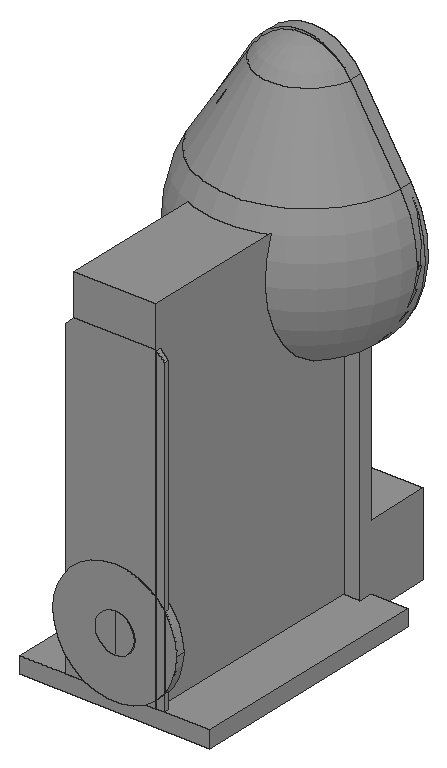
Revit family "Toilet-Willoughby-ETF-1490-FM-BS", category Plumbing Fixtures, Revit 2015
Parameters (values of type "Standard")
  Waste DIA = 2 3/8"
  Waste Connection = yes
  W-RAD [instance] = Waste DIA / 2  # 0' - 1 3/16"
  Vent Connection = no
  URL = "https://www.willoughby-ind.com/wp-content/uploads/2017/12/ETF-1490-FM.pdf"
  Type Comments = ""
  Revision = "A"
  Model = "ETF-1490-FM-BS"
  Manufacturer = "Willoughby Industries"
  HW Connection = no
  Flush inlet DIA = 1 1/2"
  Flush Inlet Connection = yes
  Fixture Body = Stainless Steel AISI 304-Willoughby
  F-RAD [instance] = Flush inlet DIA / 2  # 0' - 0 3/4"
  Description = "Floor Outlet, Floor Mounted, Siphon Jet Toilet, Back Spud"
  Default Elevation = 0' - 0"
  Contact Number = "(800) 428-4065"
  CW Connection = no
Reference planes (in)
  plane 1 "Base": y = -16.25
  plane 2: z = 0
  plane 3 "Center": x = 18.31072
  plane 4 "Waste height": y = -4.75
  plane 5: y = -1.25
  plane 6: z = -6.75
  plane 7: y = -2.125
  plane 8: y = -14.0625
  plane 9: y = 0.5
  plane 10: x = 16.56072
  plane 11: x = 20.06072
  plane 12: x = 11.56072
  plane 13: x = 25.06072
  plane 14: z = 23
  plane 15: z = 30.75
  plane 16: x = 15.81072
  plane 17: x = 20.81072
  plane 18: x = 15.81072
  plane 19: x = 20.81072
  plane 20: z = 4.25
  plane 21: x = 12.56072
  plane 22: x = 24.06072
  plane 23: y = 2.75
Forms (in)
  Extrusion 1, solid, material "Stainless Steel AISI 304-Willoughby" <- "Fixture Body"
    sketch origin (16.08109, 7.47968, -2.20225) x (-1, 0, 0) y (0, 0, -1)
      loop
        line (1.29775, -16.80087) -> (1.29775, -3.20225) -> (-5.72963, -3.20225) -> (-5.72963, -16.81676)
        arc (-5.72963, -16.81676) -> (-8.98136, -21.11843) -> (-8.21015, -26.45542) r 7
        line (-8.21015, -26.45542) -> (-5.16818, -31.31054)
        arc (-5.16818, -31.31054) -> (-2.20225, -32.95225) -> (0.76368, -31.31054) r 3.5
        line (0.76368, -31.31054) -> (3.80565, -26.45542)
        arc (3.80565, -26.45542) -> (4.5729, -21.10311) -> (1.29775, -16.80087) r 7
      loop
        arc (2.03989, -24.70557) -> (-2.20225, -18.23804) -> (-6.44438, -24.70557) r 4.625
        line (-6.44438, -24.70557) -> (-4.04125, -30.23842)
        arc (-4.04125, -30.23842) -> (-2.20225, -31.45225) -> (-0.36324, -30.23842) r 2
        line (-0.36324, -30.23842) -> (2.03989, -24.70557)
    from 8.72968 to 9.5
  Revolve 2, solid, material "Stainless Steel AISI 304-Willoughby" <- "Fixture Body"
    sketch origin (19.37246, -1.52032, 1.00169) x (-1, 0, 0) y (0, 0, -1)
      loop
        line (1.06174, -12.59906) -> (1.06174, -12.84906)
        arc (1.06174, -12.84906) -> (6.91177, -17.54136) -> (5.58904, -24.92315) r 7.34171
        line (5.58904, -24.92315) -> (3.81535, -27.91457)
        arc (3.81535, -27.91457) -> (2.63527, -29.03194) -> (1.06174, -29.43826) r 3.25
        line (1.06174, -29.43826) -> (1.06174, -29.68826)
        arc (1.06174, -29.68826) -> (2.75672, -29.25045) -> (4.02767, -28.04656) r 3.5
        line (4.02767, -28.04656) -> (7.06964, -23.19143)
        arc (7.06964, -23.19143) -> (7.15052, -16.14555) -> (1.06174, -12.59906) r 7
      axis (1.06174, -12.59906) -> (1.06174, -29.68826)
    angle from 0 to -180
  Extrusion 3, solid, material "Stainless Steel AISI 304-Willoughby" <- "Fixture Body"
    sketch origin (19.53334, -3.02032, -4.9508) x (0, 1, 0) y (0, 0, 1)
      loop
        line (-4.42257, 4.9508) -> (1.02643, 4.9508) -> (1.02643, 18.97156)
        arc (1.02643, 18.97156) -> (-2.31062, 20.32275) -> (-4.42257, 23.23845) r 6.52287
        line (-4.42257, 23.23845) -> (-4.42257, 4.9508)
    from 1.27686 to -3.72262
  Extrusion 4, solid, material "Stainless Steel AISI 304-Willoughby" <- "Fixture Body"
    sketch origin (18.31072, 0, -1) x (0, 1, 0) y (0, 0, 1)
      loop
        line (-1.25, 1) -> (2.75, 1) -> (2.75, 6) -> (-1.25, 6) -> (-1.25, 1)
    from -3.52738 to 3.5
  Extrusion 5, solid, material "Stainless Steel AISI 304-Willoughby" <- "Fixture Body"
    sketch origin (0, 0, 0) x (1, 0, 0) y (0, 1, 0)
      loop
        circle (18.31072, 0.5) r 0.75
    from 0 to 1
  Extrusion 6, solid, material "Stainless Steel AISI 304-Willoughby" <- "Fixture Body"
    sketch origin (0, -16.25, 0) x (1, 0, 0) y (0, 0, 1)
      loop
        line (24.06072, 0) -> (24.06072, 1) -> (12.56072, 1) -> (12.56072, 0) -> (24.06072, 0)
    from -15 to 0
  Extrusion 7, solid, material "Stainless Steel AISI 304-Willoughby" <- "Fixture Body"
    sketch origin (0, -16.25, 0) x (1, 0, 0) y (0, 0, 1)
      loop
        line (20.81072, 0) -> (20.81072, 23) -> (15.81072, 23) -> (15.81072, 0) -> (20.81072, 0)
    from 0 to -8.80711
  Revolve 8, solid, material "Stainless Steel AISI 304-Willoughby" <- "Fixture Body"
    sketch origin (18.31072, 0, 0) x (0, 1, 0) y (0, 0, 1)
      loop
        line (-16.25152, 4.25) -> (-14.08343, 4.25) -> (-14.08343, 5.4375) -> (-16.25152, 5.4375) -> (-16.25152, 4.25)
      axis (-14.08343, 4.25) -> (-16.25152, 4.25)
    angle from 0 to 360
  Extrusion 9, solid, material "Stainless Steel AISI 304-Willoughby" <- "Fixture Body"
    sketch origin (0, -16.25, 0) x (1, 0, 0) y (0, 0, 1)
      loop
        circle (18.31072, 4.25) r 3.75
    from 0 to -0.5
  Extrusion 10, solid, material "Stainless Steel AISI 304-Willoughby" <- "Fixture Body"
    sketch origin (0, -16.25, 0) x (1, 0, 0) y (0, 0, 1)
      loop
        line (20.81072, 1) -> (21.31072, 1) -> (21.31072, 20) -> (20.81072, 20.5) -> (15.81072, 20.5) -> (15.31072, 20) -> (15.31072, 1) -> (15.81072, 1) -> (20.81072, 1)
    from 0 to -0.25
Cuts and joins
  joined: Extrusion 1, Extrusion 3, Extrusion 4, Extrusion 6, Extrusion 7
Lines and regions (in)
  symbolic lines
    curve 1: line (12.56072, -16.25, 0) -> (12.56072, -1.25, 0)
    curve 2: line (12.56072, -1.25, 0) -> (24.06072, -1.25, 0)
    curve 3: line (24.06072, -1.25, 0) -> (24.06072, -16.25, 0)
    curve 4: line (24.06072, -16.25, 0) -> (12.56072, -16.25, 0)
    curve 5: line (14.78334, -1.25, 0) -> (14.78334, 2.75, 0)
    curve 6: line (14.78334, 2.75, 0) -> (21.81072, 2.75, 0)
    curve 7: line (21.81072, 2.75, 0) -> (21.81072, -1.25, 0)
    curve 8: line (11.28334, -2.02032, 0) -> (11.28334, -1.25, 0)
    curve 9: line (11.28334, -1.25, 0) -> (25.28334, -1.25, 0)
    curve 10: line (25.28334, -1.25, 0) -> (25.28334, -2.02032, 0)
    curve 11: arc (25.28334, -2.02032, 0) -> (23.08111, -6.64837, 0) -> (18.31072, -8.52239, 0) r 6.97585
    curve 12: arc (18.31072, -8.52239, 0) -> (13.52719, -6.64379, 0) -> (11.28334, -2.02032, 0) r 7.0627
    curve 13: line (15.81072, -8.06019, 0) -> (15.81072, -16.25, 0)
    curve 14: line (20.81072, -8.06397, 0) -> (20.81072, -16.25, 0)
    curve 23: arc (21.81072, -16.25, 14.61451) -> (25.06245, -16.25, 18.91618) -> (24.29124, -16.25, 24.25317) r 7
    curve 24: line (24.29124, -16.25, 24.25317) -> (21.24927, -16.25, 29.1083)
    curve 25: arc (21.24927, -16.25, 29.1083) -> (18.28334, -16.25, 30.75) -> (15.31741, -16.25, 29.1083) r 3.5
    curve 26: line (15.31741, -16.25, 29.1083) -> (12.35249, -16.25, 24.379)
    curve 27: arc (12.35249, -16.25, 24.379) -> (11.49002, -16.25, 18.97236) -> (14.78334, -16.25, 14.59862) r 7
    curve 28: line (12.56072, -16.25, 0) -> (24.06072, -16.25, 0)
    curve 29: line (24.06072, -16.25, 0) -> (24.06072, -16.25, 1)
    curve 30: line (24.06072, -16.25, 1) -> (21.81072, -16.25, 1)
    curve 31: line (14.78334, -16.25, 1) -> (12.56072, -16.25, 1)
    curve 32: line (12.56072, -16.25, 1) -> (12.56072, -16.25, 0)
    curve 39: line (18.31072, -16.25, 0) -> (18.31072, 2.75, 0)
    curve 40: line (18.31072, 2.75, 0) -> (18.31072, 2.75, 5)
    curve 41: line (18.31072, 2.75, 5) -> (18.31072, -1.25, 5)
    curve 42: line (18.31072, -1.25, 5) -> (18.31072, -1.25, 30.75)
    curve 43: line (18.31072, -1.25, 30.75) -> (18.31072, -2.02032, 30.75)
    curve 44: arc (18.31072, -2.02032, 30.75) -> (18.31072, -3.30775, 30.20786) -> (18.31072, -4.32667, 29.25224) r 3.95799
    curve 45: line (18.31072, -4.32667, 29.25224) -> (18.31072, -7.52822, 24.19312)
    curve 46: arc (18.31072, -7.52822, 24.19312) -> (18.31072, -7.8446, 23.61437) -> (18.31072, -8.08458, 23) r 5.16145
    curve 47: line (18.31072, -7.5944, 23) -> (18.31072, -16.25, 23)
    curve 48: line (18.31072, -16.25, 23) -> (18.31072, -16.25, 0)
    curve 49: line (18.31072, -16.25, 1) -> (18.31072, -2.02032, 1)
    curve 50: line (18.31072, -2.02032, 0) -> (18.31072, -2.02032, 14.0236)
    curve 51: arc (18.31072, -2.02032, 14.0236) -> (18.31072, -4.33607, 14.70091) -> (18.31072, -6.27296, 16.13962) r 6.84521
    curve 52: arc (18.31072, -6.27296, 16.13962) -> (18.31072, -7.60685, 18.26418) -> (18.31072, -8.03719, 20.73557) r 6.50212
    curve 53: arc (18.31072, -8.03719, 20.73557) -> (18.31072, -7.91305, 21.88681) -> (18.31072, -7.5944, 23) r 6.76463
    curve 54: line (14.78334, -16.25, 14.59862) -> (14.78334, -16.25, 1)
    curve 55: line (21.81072, -16.25, 14.61451) -> (21.81072, -16.25, 1)
    curve 56: line (21.81072, -16.25, 5) -> (14.78334, -16.25, 5)
  symbolic lines, detail levels fine
    curve 15: line (14.56072, -16.25, 0) -> (14.56072, -15.75, 0)
    curve 16: line (14.56072, -15.75, 0) -> (15.81072, -15.75, 0)
    curve 17: line (20.81072, -15.75, 0) -> (22.06072, -15.75, 0)
    curve 18: line (22.06072, -15.75, 0) -> (22.06072, -16.25, 0)
    curve 19: line (21.31072, -16.25, 0) -> (21.31072, -16, 0)
    curve 20: line (21.31072, -16, 0) -> (20.81072, -16, 0)
    curve 21: line (15.31072, -16.25, 0) -> (15.31072, -16, 0)
    curve 22: line (15.31072, -16, 0) -> (15.81072, -16, 0)
  symbolic lines, detail levels medium+fine
    curve 33: arc (14.78334, -16.25, 5.52282) -> (14.56072, -16.25, 4.25) -> (14.78334, -16.25, 2.97718) r 3.75
    curve 34: arc (21.81072, -16.25, 2.90371) -> (22.06072, -16.25, 4.25) -> (21.81072, -16.25, 5.59629) r 3.75
    curve 35: line (22.52547, -16.25, 22.50332) -> (20.12234, -16.25, 28.03617)
    curve 36: arc (20.12234, -16.25, 28.03617) -> (18.28334, -16.25, 29.2424) -> (16.44433, -16.25, 28.03617) r 2.00498
    curve 37: line (16.44433, -16.25, 28.03617) -> (14.0412, -16.25, 22.50332)
    curve 38: arc (14.0412, -16.25, 22.50332) -> (18.28334, -16.25, 16.0358) -> (22.52547, -16.25, 22.50332) r 4.625
Dimensions and locks (in)
  plane 1 "Base" to plane 4 "Waste height" = 0' - 11 1/2"
  plane 1 "Base" to plane 5 = 1' - 3"
  locked: plane 1 "Base" to plane 9 at 16.75
  level to plane 15 = 2' - 6 3/4"
  plane 21 to plane 22 = 0' - 11 1/2"  (x2)
  plane 13 to plane 22 = 0' - 1"
  plane 18 to plane 19 = 0' - 5"
  "F-RAD": radius of Extrusion 5 sketch curve
  aligned and locked: plane 9 to Extrusion 5 sketch curve
  aligned and locked: plane 3 "Center" to Extrusion 5 sketch curve
  aligned and locked: Revolve 8 sketch curve to Revolve 8 sketch curve  (x2)
  aligned and locked: Extrusion 5 to level
Automatic sketch dimensions
  Extrusion 1 sketch curve to Extrusion 1 sketch curve = 0' - 0"  (x8)
  level to Extrusion 1 sketch curve = 0' - 1"
  plane 3 "Center" to Extrusion 1 sketch curve = 0' - 5.98052"
  Extrusion 1 sketch curve to Extrusion 1 sketch curve = 0' - 1.76576"  (x2)
  plane 3 "Center" to Extrusion 1 sketch curve = 0' - 3 1/2"
  plane 3 "Center" to Extrusion 1 sketch curve = 0' - 2.93855"
  Extrusion 1 sketch curve to Extrusion 1 sketch curve = 0' - 1.12693"  (x2)
  Extrusion 1 sketch curve to plane 3 "Center" = 0' - 0.02738"  (x2)
  Extrusion 1 sketch curve to plane 3 "Center" = 0' - 1.86639"
  Extrusion 1 sketch curve to plane 3 "Center" = 0' - 3.52738"
  Extrusion 1 sketch curve to plane 3 "Center" = 0' - 4 69/256"
  Extrusion 1 sketch curve to Extrusion 1 sketch curve = 1' - 1.59862"
  Extrusion 1 sketch curve to Extrusion 1 sketch curve = 0' - 0.01589"
  Extrusion 1 sketch curve to Extrusion 1 sketch curve = 0' - 6.06218"
  Extrusion 1 sketch curve to Extrusion 1 sketch curve = 0' - 1.74985"
  Extrusion 1 sketch curve to Extrusion 1 sketch curve = 0' - 4.74668"
  Extrusion 1 sketch curve to Extrusion 1 sketch curve = 0' - 0.78617"
  Extrusion 1 sketch curve to Extrusion 1 sketch curve = 0' - 1.07212"
  Extrusion 4 sketch curve to level = 0' - 0"
  Extrusion 4 sketch curve to plane 5 = 0' - 0"
  Extrusion 4 sketch curve to plane 9 = 0' - 2 1/4"
  level to Extrusion 4 sketch curve = 0' - 5"
  Extrusion 6 sketch curve to level = 0' - 0"
  level to Extrusion 6 sketch curve = 0' - 1"
  plane 12 to Extrusion 6 sketch curve = 0' - 1"
  Extrusion 6 sketch curve to plane 13 = 0' - 1"
  Extrusion 7 sketch curve to level = 0' - 0"
  Extrusion 7 sketch curve to plane 10 = 0' - 0 3/4"
  plane 11 to Extrusion 7 sketch curve = 0' - 0 3/4"
  Extrusion 7 sketch curve to plane 14 = 0' - 0"
  Extrusion 3 sketch curve to level = 0' - 0"
  plane 4 "Waste height" to Extrusion 3 sketch curve = 0' - 2.69289"
  plane 7 to Extrusion 3 sketch curve = 0' - 0.13111"
  plane 5 to Extrusion 3 sketch curve = 0' - 0.05941"
  Extrusion 3 sketch curve to plane 14 = 0' - 2.49238"
  Extrusion 3 sketch curve to Extrusion 3 sketch curve = 0' - 6.48686"
  Revolve 2 sketch curve to plane 3 "Center" = 0' - 0"  (x3)
  plane 3 "Center" to Revolve 2 sketch curve = 0' - 0"
  Revolve 2 sketch curve to plane 11 = 0' - 0.72567"
  plane 18 to Revolve 2 sketch curve = 0' - 0.25361"
  Revolve 2 sketch curve to Revolve 2 sketch curve = 0' - 0.21232"
  plane 12 to Revolve 2 sketch curve = 0' - 0.7421"
  Revolve 2 sketch curve to plane 15 = 0' - 0.06005"
  Revolve 2 sketch curve to Revolve 2 sketch curve = 0' - 0 1/4"  (x2)
  Revolve 2 sketch curve to plane 15 = 0' - 1.70176"
  Revolve 2 sketch curve to Revolve 2 sketch curve = 0' - 0.13199"
  plane 14 to Revolve 2 sketch curve = 0' - 1.19312"
  Revolve 2 sketch curve to plane 14 = 0' - 1.87935"
  Revolve 2 sketch curve to Revolve 2 sketch curve = 0' - 0.51991"
  plane 18 to Revolve 2 sketch curve = 0' - 2.0273"
  plane 14 to Revolve 2 sketch curve = 0' - 0.93995"
  Revolve 2 sketch curve to Revolve 2 sketch curve = 0' - 2.4108"
  Extrusion 9 sketch curve to plane 3 "Center" = 0' - 0"
  Extrusion 9 sketch curve to plane 20 = 0' - 0"
  plane 18 to Extrusion 10 sketch curve = 0' - 0"  (x2)
  plane 19 to Extrusion 10 sketch curve = 0' - 0"  (x2)
  Extrusion 10 sketch curve to Extrusion 10 sketch curve = 0' - 0 1/2"  (x3)
  Extrusion 10 sketch curve to plane 19 = 0' - 0 1/2"
  level to Extrusion 10 sketch curve = 0' - 1"
  Extrusion 10 sketch curve to plane 14 = 0' - 3"
  Revolve 8 sketch curve to plane 20 = 0' - 0"
  plane 1 "Base" to Revolve 8 sketch curve = 0' - 0.00152"
  plane 8 to Revolve 8 sketch curve = 0' - 0.02093"
  plane 20 to Revolve 8 sketch curve = 0' - 1 3/16"
  Revolve 8 sketch curve to Revolve 8 sketch curve = 0' - 1.49848"
  plane 5 to curve 8 = 0' - 0"
  plane 5 to curve 2 = 0' - 0"
  curve 2 to plane 21 = 0' - 0"
  plane 1 "Base" to curve 15 = 0' - 0"
  curve 6 to plane 23 = 0' - 0"
  curve 22 to plane 18 = 0' - 0"
  curve 11 to plane 3 "Center" = 0' - 0"
  curve 12 to plane 3 "Center" = 0' - 0"
  curve 17 to plane 19 = 0' - 0"
  curve 4 to plane 22 = 0' - 0"
  curve 9 to plane 12 = 0' - 0.27738"
  curve 15 to plane 1 "Base" = 0' - 0 1/2"
  plane 18 to curve 15 = 0' - 1 1/4"
  plane 18 to curve 6 = 0' - 1.02738"
  plane 3 "Center" to curve 11 = 0' - 0.01288"
  plane 3 "Center" to curve 12 = 0' - 0.01304"
  curve 20 to curve 19 = 0' - 0 1/2"
  curve 6 to plane 19 = 0' - 1"
  curve 19 to curve 17 = 0' - 0 3/4"
  curve 2 to curve 10 = 0' - 1.22262"
  curve 20 to plane 1 "Base" = 0' - 0 1/4"
  curve 18 to curve 18 = 0' - 0 1/2"
  plane 7 to curve 8 = 0' - 0.10468"
  plane 7 to curve 10 = 0' - 0.10468"
  curve 21 to plane 1 "Base" = 0' - 0 1/4"
  plane 18 to curve 21 = 0' - 0 1/2"
  curve 49 to plane 1 "Base" = 0' - 0"
  curve 46 to plane 14 = 0' - 0"
  curve 43 to plane 15 = 0' - 0"
  curve 43 to plane 5 = 0' - 0"
  curve 41 to plane 23 = 0' - 0"
  curve 39 to level = 0' - 0"
  plane 4 "Waste height" to curve 47 = 0' - 2.8444"
  plane 14 to curve 45 = 0' - 1.19312"
  curve 53 to curve 45 = 0' - 0.06618"
  curve 45 to plane 4 "Waste height" = 0' - 0.42333"
  curve 46 to plane 7 = 0' - 1.04173"
  plane 7 to curve 43 = 0' - 0.10468"
  plane 5 to curve 52 = 0' - 0.2866"
  plane 5 to curve 51 = 0' - 0.03668"
  plane 5 to curve 53 = 0' - 0.02415"
  curve 44 to plane 5 = 0' - 0.09792"
  plane 20 to curve 42 = 0' - 0 3/4"
  curve 50 to plane 14 = 0' - 8.9764"
  curve 53 to plane 14 = 0' - 2.41138"
  curve 53 to curve 52 = 0' - 0.0057"
  curve 53 to curve 51 = 0' - 0.24076"
  curve 46 to plane 14 = 0' - 1.56695"
  curve 44 to curve 42 = 0' - 3.86159"
  curve 52 to curve 53 = 0' - 0"
  plane 7 to curve 49 = 0' - 0.10468"
  level to curve 49 = 0' - 1"
  curve 23 to curve 27 = 0' - 0"
  curve 23 to curve 38 = 0' - 0"  (x2)
  curve 27 to curve 38 = 0' - 0"
  curve 33 to curve 34 = 0' - 0"  (x2)
  plane 21 to curve 28 = 0' - 0"
  curve 34 to plane 3 "Center" = 0' - 0"
  plane 22 to curve 28 = 0' - 0"
  curve 32 to level = 0' - 0"
  curve 34 to plane 20 = 0' - 0"
  plane 21 to curve 26 = 0' - 0.20823"
  curve 37 to plane 14 = 0' - 0.49668"
  curve 37 to plane 21 = 0' - 1 123/256"
  plane 18 to curve 54 = 0' - 1.02738"
  plane 18 to curve 26 = 0' - 0.49331"
  curve 37 to plane 10 = 0' - 0.11639"
  curve 27 to plane 3 "Center" = 0' - 0.02738"
  curve 25 to plane 3 "Center" = 0' - 0.02738"
  curve 25 to curve 36 = 0' - 0"
  plane 11 to curve 35 = 0' - 0.06162"
  curve 24 to plane 19 = 0' - 0.43855"
  curve 55 to plane 19 = 0' - 1"
  curve 35 to plane 14 = 0' - 0.49668"
  curve 24 to plane 22 = 0' - 0.23052"
  level to curve 54 = 0' - 1"
  level to curve 55 = 0' - 1"
  curve 54 to curve 37 = 0' - 7.9047"
  curve 27 to curve 55 = 0' - 0.01589"
  curve 23 to plane 14 = 0' - 2.3392"
  curve 36 to plane 15 = 0' - 3.51258"
  curve 36 to curve 25 = 0' - 0.01258"
  curve 25 to curve 37 = 0' - 0.78617"
  curve 37 to curve 26 = 0' - 1.07212"
  curve 34 to plane 20 = 0' - 1.34629"
  curve 33 to plane 20 = 0' - 1.27282"
  curve 56 to curve 34 = 0' - 0.59629"
  radius of Extrusion 9 sketch curve = 0' - 3 3/4"
Connectors (in)
  piping at (18.31072, 0.5, 1), diameter 1.5, driven by "F-RAD", driven by "Flush Inlet Connection"
    settings: on Extrusion 5, index 2, connector inside diameter 1 1/2", connector length 0' - 0", flow factor 0, pipe flow 0 GPM, pressure drop 0.00 psi, fitting loss kfactor 0, connector angle 0.00°, fixture units 0, engagement length 0' - 0", angle of deflection 0.00°, flow configuration 0, flow direction 1, fitting loss method 0, system type 20, joint type 0, gender type 0, connector reference index -1, connector utility 1, adjustable connector no, is connector primary yes, connector description "Flush Inlet"
  piping at (18.31072, -16.25152, 4.25), diameter 2.375, driven by "W-RAD", driven by "Waste Connection"
    settings: on Revolve 8, index 4, connector inside diameter 24", connector length 0' - 0", flow factor 0, pipe flow 0 GPM, pressure drop 0.00 psi, fitting loss kfactor 0, connector angle 0.00°, fixture units 0, engagement length 0' - 0", angle of deflection 0.00°, flow configuration 0, flow direction 2, fitting loss method 0, system type 16, joint type 0, gender type 0, connector reference index -1, connector utility 1, adjustable connector no, is connector primary no, connector description "Toilet Waste"
